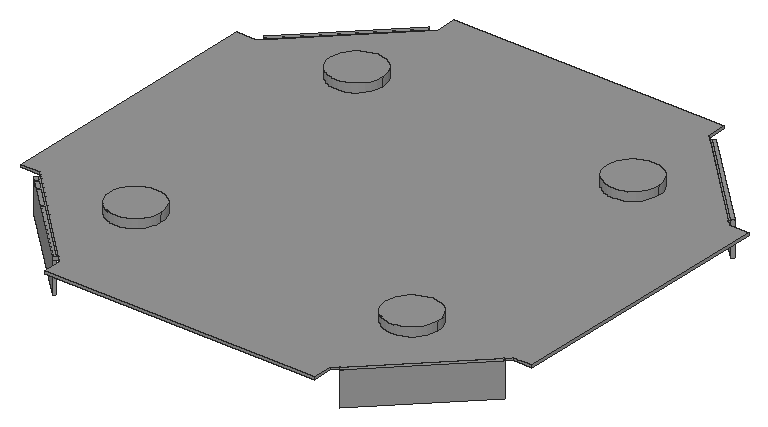
Revit family "Deckel für Kreuzung Magic", category Generic Models, Revit 2015
Parameters (values of type "DFKM 100 FS")
  Width 1 = 2 mm
  Width = 1 mm
  URL = "http://www.obo-bettermann.com"
  Material = Strip-galvanised
  Manufacturer Art.No. = "7138930"
  Manufacturer = "OBO Bettermann"
  Height 3 = 52.3 mm
  Height 1 = 99 mm
  Height = 198 mm
  GTIN = "4012195931256"
  Article Type = "DFKM 100 FS"
Types (14, lengths in mm): name | Width 1 | Width | Material | Manufacturer Art.No. | Height 3 | Height 1 | Height | GTIN | Article Type
  (no name) | 2 | 1 | Strip-galvanised | "7138930" | 52.3 | 99 | 198 | "4012195931256" | "DFKM 100 FS"
  DFKM 100 FS | 2 | 1 | Strip-galvanised | "7138930" | 52.3 | 99 | 198 | "4012195931256" | "DFKM 100 FS"
  DFKM 150 FS | 2 | 1 | Strip-galvanised | "7138932" | 77.3 | 124 | 248 | "40121959312636" | "DFKM 150 FS"
  DFKM 200 FS | 2 | 1 | Strip-galvanised | "7138934" | 102.3 | 149 | 298 | "40121959312708" | "DFKM 200 FS"
  DFKM 300 FS | 2 | 1 | Strip-galvanised | "7138936" | 152.3 | 199 | 398 | "401219593128712" | "DFKM 300 FS"
  DFKM 400 FS | 2.3 | 1.3 | Strip-galvanised | "7138938" | 202.3 | 249 | 498 | "401219593129416" | "DFKM 400 FS"
  DFKM 500 FS | 2.3 | 1.3 | Strip-galvanised | "7138940" | 252.3 | 299 | 598 | "401219593130020" | "DFKM 500 FS"
  DFKM 600 FS | 2.3 | 1.3 | Strip-galvanised | "7138942" | 302.3 | 349 | 698 | "401219593131724" | "DFKM 600 FS"
  DFKM 100 DD | 2 | 1 | Strip galvanised zinc/aluminium, Double Dip | "7138970" | 52.3 | 99 | 198 | "4012195931324" | "DFKM 100 DD"
  DFKM 200 DD | 2 | 1 | Strip galvanised zinc/aluminium, Double Dip | "7138974" | 102.3 | 149 | 298 | "4012195931362" | "DFKM 200 DD"
  DFKM 300 DD | 2 | 1 | Strip galvanised zinc/aluminium, Double Dip | "7138976" | 152.3 | 199 | 398 | "4012195931379" | "DFKM 300 DD"
  DFKM 400 DD | 2.3 | 1.3 | Strip galvanised zinc/aluminium, Double Dip | "7138978" | 202.3 | 249 | 498 | "4012195931386" | "DFKM 400 DD"
  DFKM 500 DD | 2.3 | 1.3 | Strip galvanised zinc/aluminium, Double Dip | "7138980" | 252.3 | 299 | 598 | "4012195931393" | "DFKM 500 DD"
  DFKM 600 DD | 2.3 | 1.3 | Strip galvanised zinc/aluminium, Double Dip | "7138982" | 302.3 | 349 | 698 | "4012195931409" | "DFKM 600 DD"
Reference planes
  plane 1 "Center (Front/Back)": y = 0
  plane 2: z = -24.407
  plane 3 "Center (Left/Right)": x = 0
  plane 4: z = -25.407
  plane 5: z = -37.407
  plane 6: z = -21.107
Forms (mm)
  Extrusion 1, solid, material "Strip-galvanised" <- "Material"
    sketch origin (0, 0, -24.407) x (1, 0, 0) y (0, 1, 0)
      loop
        line (-99, 52.3) -> (-99, -52.3) -> (-91.5, -52.3) -> (-52.3, -91.5) -> (-52.3, -99) -> (52.3, -99) -> (52.3, -91.5) -> (91.5, -52.3) -> (99, -52.3) -> (99, 52.3) -> (91.5, 52.3) -> (52.3, 91.5) -> (52.3, 99) -> (-52.3, 99) -> (-52.3, 91.5) -> (-91.5, 52.3) -> (-99, 52.3)
    from -1 to 0
  Extrusion 2, solid, material "Strip-galvanised" <- "Material"
    sketch origin (0, 0, -24.407) x (1, 0, 0) y (0, 1, 0)
      loop
        circle (53.5, -53.5) r 10
      loop
        circle (53.5, 53.5) r 10
      loop
        circle (-53.5, 53.5) r 10
      loop
        circle (-53.5, -53.5) r 10
    from 0 to 3.3
  Extrusion 3, solid, material "Strip-galvanised" <- "Material"
    sketch origin (0, 0, -24.407) x (1, 0, 0) y (0, 1, 0)
      loop
        line (54.245, 89.555) -> (89.555, 54.245) -> (90.97, 55.659) -> (55.659, 90.97) -> (54.245, 89.555)
      loop
        line (54.245, -89.555) -> (55.659, -90.97) -> (90.97, -55.659) -> (89.555, -54.245) -> (54.245, -89.555)
      loop
        line (-89.555, -54.245) -> (-90.97, -55.659) -> (-55.659, -90.97) -> (-54.245, -89.555) -> (-89.555, -54.245)
      loop
        line (-89.555, 54.245) -> (-54.245, 89.555) -> (-55.659, 90.97) -> (-90.97, 55.659) -> (-89.555, 54.245)
    from -1 to 0
  Extrusion 4, solid, material "Strip-galvanised" <- "Material"
    sketch origin (0, 0, -24.407) x (1, 0, 0) y (0, 1, 0)
      loop
        line (90.97, 55.659) -> (55.659, 90.97) -> (54.952, 90.263) -> (90.263, 54.952) -> (90.97, 55.659)
      loop
        line (55.659, -90.97) -> (90.97, -55.659) -> (90.263, -54.952) -> (54.952, -90.263) -> (55.659, -90.97)
      loop
        line (-90.97, -55.659) -> (-55.659, -90.97) -> (-54.952, -90.263) -> (-90.263, -54.952) -> (-90.97, -55.659)
      loop
        line (-55.659, 90.97) -> (-90.97, 55.659) -> (-90.263, 54.952) -> (-54.952, 90.263) -> (-55.659, 90.97)
    from -13 to 0
Dimensions and locks
  "Height": Extrusion 1 sketch curve to Extrusion 1 sketch curve  (x2)
  "Height 1": Extrusion 1 sketch curve to plane 3 "Center (Left/Right)"
  "Height 1": plane 1 "Center (Front/Back)" to Extrusion 1 sketch curve
  locked: Extrusion 1 sketch curve to Extrusion 1 sketch curve at 7.5  (x4)
  "Height 3": Extrusion 1 sketch curve to plane 1 "Center (Front/Back)"
  "Height 3": Extrusion 1 sketch curve to plane 3 "Center (Left/Right)"
  "Width": level to plane 4
  locked: level to plane 5 at 13
  locked: Extrusion 1 to Extrusion 2 sketch curve at 45.5  (x6)
  locked: Extrusion 2 sketch curve to Extrusion 1 at 45.5  (x2)
  locked: plane 6 to level at 3.3
  "Width 1": Extrusion 3 sketch curve to Extrusion 1  (x4)
  locked: Extrusion 1 to Extrusion 3 sketch curve at 2.75  (x4)
  "Width": Extrusion 3 to Extrusion 4 sketch curve  (x3)
  locked: Extrusion 3 sketch curve to Extrusion 1 at 2.75  (x3)
  Extrusion 3 sketch curve to Extrusion 1 = 2.75 mm
  "Width": Extrusion 4 sketch curve to Extrusion 3
  radius of Extrusion 2 sketch curve = 10 mm  (x4)
  locked: Extrusion 1 sketch curve to Extrusion 1 sketch curve (angle 45.00°)  (x4)
  aligned and locked: level to plane 2
  aligned and locked: Extrusion 1 sketch curve to Extrusion 1 sketch curve  (x8)
  aligned and locked: Extrusion 1 to plane 4
  aligned and locked: level to Extrusion 1
  aligned and locked: Extrusion 2 to level
  aligned and locked: plane 6 to Extrusion 2
  aligned and locked: Extrusion 3 sketch curve to Extrusion 1  (x2)
  aligned and locked: Extrusion 4 sketch curve to Extrusion 3  (x8)
  aligned and locked: Extrusion 3 to Extrusion 4 sketch curve  (x4)
  aligned and locked: Extrusion 1 to Extrusion 3
  aligned and locked: level to Extrusion 3
  aligned and locked: Extrusion 4 to plane 5
  aligned and locked: level to Extrusion 4
  aligned and locked: Extrusion 1 to Extrusion 3 sketch curve  (x2)
